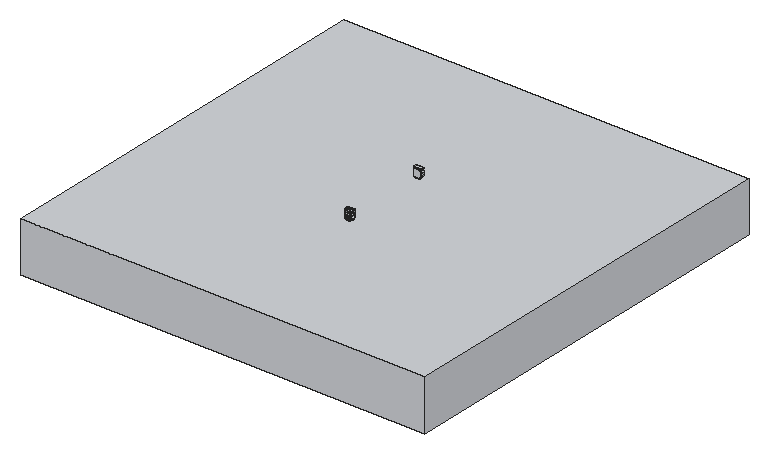
Revit family "Trade Easy Lock", category Обобщенные модели, Revit 2017
Family settings
  Основа = Грань
  Может служить основой для арматурных стержней = Нет
  Размер круглого соединителя = Использовать диаметр
  Тип детали = Нормальный
  При загрузке вырезать с полостями = Нет
  Общий = Нет
  Точка расчета площади = Нет
Parameters
  Расстояние до плоскости = 55.991 mm
  Default Elevation = 1219.2 mm
  Начало профиля = 249.976 mm
  Конец профиля = Начало профиля  # 249.976 mm
  Длина профиля = Начало профиля * 2  # 499.952 mm
Reference planes
  plane 1 "По центру (Вперед/Назад)": y = 0
  plane 2: z = 0
  plane 3 "По центру (Влево/Вправо)": x = 0
  plane 4 "Плоскость светильника": z = 55.991
Forms (mm)
  Extrusion 1, solid
    sketch origin (0, 0, 0) x (1, 0, 0) y (0, 1, 0)
      loop
        line (-1219.2, 1219.2) -> (-1219.2, -1219.2) -> (1219.2, -1219.2) -> (1219.2, 1219.2) -> (-1219.2, 1219.2)
    from 0 to -304.8
  Extrusion 2, solid, material "Алюминий"
    sketch origin (-19.367, -249.976, 55.991) x (1, 0, 0) y (0, 0, 1)
      loop
        arc (33.722, -51.859) -> (35.632, -52.295) -> (37.398, -51.445) r 2.966
        arc (37.398, -51.445) -> (38.236, -49.77) -> (37.904, -47.926) r 2.966
        arc (37.904, -47.926) -> (40.834, -43.611) -> (42.805, -38.782) r 25
        arc (42.805, -38.782) -> (38.95, -31.8) -> (42.805, -24.818) r 8.25
        arc (42.805, -24.818) -> (40.346, -19.12) -> (36.558, -14.203) r 25
        arc (36.558, -14.203) -> (38.174, -13.134) -> (38.8, -11.3) r 3
        arc (38.8, -11.3) -> (38.255, -9.575) -> (36.817, -8.478) r 3
        arc (36.817, -8.478) -> (36.433, -8.368) -> (36.038, -8.309) r 3
        arc (36.038, -8.309) -> (36.366, -7.795) -> (36.672, -7.268) r 15
        arc (36.672, -7.268) -> (40.4, -8.16) -> (42.571, -5) r 3.385
        line (42.571, -5) -> (42.571, 0) -> (40.76, 0) -> (37.759, 0) -> (-0.159, 0) -> (-3.16, 0) -> (-4.971, 0) -> (-4.971, -5)
        arc (-4.971, -5) -> (-2.8, -8.16) -> (0.928, -7.268) r 3.385
        arc (0.928, -7.268) -> (1.234, -7.795) -> (1.562, -8.309) r 15
        arc (1.562, -8.309) -> (1.167, -8.368) -> (0.783, -8.478) r 3
        arc (0.783, -8.478) -> (-0.655, -9.575) -> (-1.2, -11.3) r 3
        arc (-1.2, -11.3) -> (-0.574, -13.134) -> (1.042, -14.203) r 3
        arc (1.042, -14.203) -> (-2.746, -19.12) -> (-5.205, -24.818) r 25
        arc (-5.205, -24.818) -> (-1.35, -31.8) -> (-5.205, -38.782) r 8.25
        arc (-5.205, -38.782) -> (-3.234, -43.611) -> (-0.304, -47.926) r 25
        arc (-0.304, -47.926) -> (-0.636, -49.77) -> (0.202, -51.445) r 2.966
        arc (0.202, -51.445) -> (1.968, -52.295) -> (3.878, -51.859) r 2.966
        arc (3.878, -51.859) -> (9.009, -54.803) -> (14.688, -56.46) r 25
        line (14.688, -56.46) -> (14.688, -50.7) -> (18.8, -50.7) -> (22.912, -50.7) -> (22.912, -56.46)
        arc (22.912, -56.46) -> (28.591, -54.803) -> (33.722, -51.859) r 25
    from 0 to 1.5
  Extrusion 3, solid
    sketch origin (18.233, 249.976, 55.991) x (-1, 0, 0) y (0, 0, 1)
      loop
        arc (3.884, -51.859) -> (9.014, -54.803) -> (14.693, -56.46) r 25
        line (14.693, -56.46) -> (14.693, -50.7) -> (18.805, -50.7) -> (22.917, -50.7) -> (22.917, -56.46)
        arc (22.917, -56.46) -> (28.596, -54.803) -> (33.727, -51.859) r 25
        arc (33.727, -51.859) -> (35.637, -52.295) -> (37.403, -51.445) r 2.966
        arc (37.403, -51.445) -> (38.241, -49.77) -> (37.909, -47.926) r 2.966
        arc (37.909, -47.926) -> (40.839, -43.611) -> (42.81, -38.782) r 25
        arc (42.81, -38.782) -> (38.955, -31.8) -> (42.81, -24.818) r 8.25
        arc (42.81, -24.818) -> (40.351, -19.12) -> (36.563, -14.203) r 25
        arc (36.563, -14.203) -> (38.179, -13.134) -> (38.805, -11.3) r 3
        arc (38.805, -11.3) -> (38.26, -9.575) -> (36.822, -8.478) r 3
        arc (36.822, -8.478) -> (36.438, -8.368) -> (36.043, -8.309) r 3
        arc (36.043, -8.309) -> (36.371, -7.795) -> (36.677, -7.268) r 15
        arc (36.677, -7.268) -> (40.405, -8.16) -> (42.576, -5) r 3.385
        line (42.576, -5) -> (42.576, 0) -> (40.765, 0) -> (37.764, 0) -> (-0.154, 0) -> (-3.155, 0) -> (-4.966, 0) -> (-4.966, -5)
        arc (-4.966, -5) -> (-2.795, -8.16) -> (0.933, -7.268) r 3.385
        arc (0.933, -7.268) -> (1.239, -7.795) -> (1.567, -8.309) r 15
        arc (1.567, -8.309) -> (1.172, -8.368) -> (0.788, -8.478) r 3
        arc (0.788, -8.478) -> (-0.65, -9.575) -> (-1.195, -11.3) r 3
        arc (-1.195, -11.3) -> (-0.569, -13.134) -> (1.047, -14.203) r 3
        arc (1.047, -14.203) -> (-2.741, -19.12) -> (-5.2, -24.818) r 25
        arc (-5.2, -24.818) -> (-1.345, -31.8) -> (-5.2, -38.782) r 8.25
        arc (-5.2, -38.782) -> (-3.229, -43.611) -> (-0.299, -47.926) r 25
        arc (-0.299, -47.926) -> (-0.631, -49.77) -> (0.207, -51.445) r 2.966
        arc (0.207, -51.445) -> (1.973, -52.295) -> (3.884, -51.859) r 2.966
    from 0 to 1.5
  Extrusion 4, solid
    sketch origin (0, -398.223, 55.991) x (0, -1, 0) y (1, 0, 0)
      loop
        line (-154.747, 18.233) -> (-154.747, -19.367) -> (-148.247, -19.367) -> (-148.247, 18.233) -> (-154.747, 18.233)
      loop
        line (-648.199, -19.367) -> (-641.699, -19.367) -> (-641.699, 18.233) -> (-648.199, 18.233) -> (-648.199, -19.367)
    from 0 to -1
  Extrusion 5, solid
    sketch origin (-19.367, -251.476, 55.991) x (1, 0, 0) y (0, 0, 1)
      loop
        line (14.683, -50.7) -> (18.795, -50.7) -> (22.907, -50.7) -> (22.907, -56.46)
        arc (22.907, -56.46) -> (28.586, -54.803) -> (33.716, -51.859) r 25
        arc (33.716, -51.859) -> (33.841, -47.801) -> (37.899, -47.926) r 2.87
        arc (37.899, -47.926) -> (40.829, -43.611) -> (42.8, -38.782) r 25
        arc (42.8, -38.782) -> (38.945, -31.8) -> (42.8, -24.818) r 8.25
        arc (42.8, -24.818) -> (40.341, -19.12) -> (36.553, -14.203) r 25
        arc (36.553, -14.203) -> (35.866, -10.39) -> (39.18, -8.385) r 3.418
        arc (39.18, -8.385) -> (41.574, -7.394) -> (42.566, -5) r 3.385
        line (42.566, -5) -> (42.566, 0) -> (40.755, 0) -> (18.795, 0) -> (-3.165, 0) -> (-4.976, 0) -> (-4.976, -5)
        arc (-4.976, -5) -> (-3.984, -7.394) -> (-1.59, -8.385) r 3.385
        arc (-1.59, -8.385) -> (1.724, -10.39) -> (1.037, -14.203) r 3.418
        arc (1.037, -14.203) -> (-2.751, -19.12) -> (-5.21, -24.818) r 25
        arc (-5.21, -24.818) -> (-1.355, -31.8) -> (-5.21, -38.782) r 8.25
        arc (-5.21, -38.782) -> (-3.239, -43.611) -> (-0.309, -47.926) r 25
        arc (-0.309, -47.926) -> (3.749, -47.801) -> (3.873, -51.859) r 2.87
        arc (3.873, -51.859) -> (9.004, -54.803) -> (14.683, -56.46) r 25
        line (14.683, -56.46) -> (14.683, -50.7)
    from 0 to 18
  Extrusion 6, solid
    sketch origin (18.233, 251.476, 55.991) x (-1, 0, 0) y (0, 0, 1)
      loop
        line (22.808, -50.7) -> (22.808, -56.46)
        arc (22.808, -56.46) -> (28.487, -54.803) -> (33.618, -51.859) r 25
        arc (33.618, -51.859) -> (33.743, -47.801) -> (37.8, -47.926) r 2.87
        arc (37.8, -47.926) -> (40.731, -43.611) -> (42.702, -38.782) r 25
        arc (42.702, -38.782) -> (38.847, -31.8) -> (42.702, -24.818) r 8.25
        arc (42.702, -24.818) -> (40.242, -19.12) -> (36.454, -14.203) r 25
        arc (36.454, -14.203) -> (35.767, -10.39) -> (39.082, -8.385) r 3.418
        arc (39.082, -8.385) -> (41.476, -7.394) -> (42.467, -5) r 3.385
        line (42.467, -5) -> (42.467, 0) -> (40.657, 0) -> (18.696, 0) -> (-3.264, 0) -> (-5.074, 0) -> (-5.074, -5)
        arc (-5.074, -5) -> (-4.083, -7.394) -> (-1.689, -8.385) r 3.385
        arc (-1.689, -8.385) -> (1.626, -10.39) -> (0.939, -14.203) r 3.418
        arc (0.939, -14.203) -> (-2.849, -19.12) -> (-5.309, -24.818) r 25
        arc (-5.309, -24.818) -> (-1.454, -31.8) -> (-5.309, -38.782) r 8.25
        arc (-5.309, -38.782) -> (-3.338, -43.611) -> (-0.407, -47.926) r 25
        arc (-0.407, -47.926) -> (3.65, -47.801) -> (3.775, -51.859) r 2.87
        arc (3.775, -51.859) -> (8.906, -54.803) -> (14.585, -56.46) r 25
        line (14.585, -56.46) -> (14.585, -50.7) -> (18.696, -50.7) -> (22.808, -50.7)
    from 0 to 18
  Extrusion 7, void
    sketch origin (-19.367, -269.476, 55.991) x (-1, 0, 0) y (0, 0, 1)
      loop
        line (-24.215, -49.573) -> (-18.904, -49.573) -> (-13.592, -49.573) -> (-13.592, -55.073)
        arc (-13.592, -55.073) -> (-9.442, -53.712) -> (-5.612, -51.616) r 23.8
        arc (-5.612, -51.616) -> (-4.679, -47) -> (-0.015, -46.353) r 4.07
        arc (-0.015, -46.353) -> (2.136, -43) -> (3.697, -39.334) r 23.8
        arc (3.697, -39.334) -> (0.047, -31.873) -> (3.697, -24.413) r 9.45
        arc (3.697, -24.413) -> (1.388, -19.437) -> (-1.998, -15.121) r 23.8
        arc (-1.998, -15.121) -> (-2.935, -9.989) -> (1.511, -7.259) r 4.618
        arc (1.511, -7.259) -> (3.037, -6.609) -> (3.667, -5.073) r 2.185
        line (3.667, -5.073) -> (3.667, -1.273) -> (-18.904, -1.273) -> (-41.474, -1.273) -> (-41.474, -5.073)
        arc (-41.474, -5.073) -> (-40.844, -6.609) -> (-39.318, -7.259) r 2.185
        arc (-39.318, -7.259) -> (-34.872, -9.989) -> (-35.809, -15.121) r 4.618
        arc (-35.809, -15.121) -> (-39.196, -19.437) -> (-41.504, -24.413) r 23.8
        arc (-41.504, -24.413) -> (-37.854, -31.873) -> (-41.504, -39.334) r 9.45
        arc (-41.504, -39.334) -> (-39.943, -43) -> (-37.792, -46.353) r 23.8
        arc (-37.792, -46.353) -> (-33.128, -47) -> (-32.195, -51.616) r 4.07
        arc (-32.195, -51.616) -> (-28.365, -53.712) -> (-24.215, -55.073) r 23.8
        line (-24.215, -55.073) -> (-24.215, -49.573)
      loop
        line (-18.904, -19.373) -> (-28.304, -19.373)
        arc (-28.304, -19.373) -> (-31.839, -20.838) -> (-33.304, -24.373) r 5
        line (-33.304, -24.373) -> (-33.304, -31.213)
        arc (-33.304, -31.213) -> (-32.96, -32.942) -> (-31.98, -34.407) r 4.518
        line (-31.98, -34.407) -> (-27.334, -39.054)
        arc (-27.334, -39.054) -> (-25.872, -40.03) -> (-24.148, -40.373) r 4.506
        line (-24.148, -40.373) -> (-18.904, -40.373) -> (-13.659, -40.373)
        arc (-13.659, -40.373) -> (-11.935, -40.03) -> (-10.473, -39.054) r 4.506
        line (-10.473, -39.054) -> (-5.827, -34.407)
        arc (-5.827, -34.407) -> (-4.847, -32.942) -> (-4.504, -31.213) r 4.518
        line (-4.504, -31.213) -> (-4.504, -24.373)
        arc (-4.504, -24.373) -> (-5.968, -20.838) -> (-9.504, -19.373) r 5
        line (-9.504, -19.373) -> (-18.904, -19.373)
      loop
        line (-24.579, -30.813) -> (-24.579, -25.813) -> (-27.035, -25.813) -> (-27.035, -30.813) -> (-24.579, -30.813)
      loop
        line (-20.107, -34.85) -> (-17.651, -34.85) -> (-17.651, -29.85) -> (-20.107, -29.85) -> (-20.107, -34.85)
      loop
        line (-13.179, -30.813) -> (-10.723, -30.813) -> (-10.723, -25.813) -> (-13.179, -25.813) -> (-13.179, -30.813)
    from 0 to 15
  Extrusion 8, void
    sketch origin (18.233, 269.476, 55.991) x (1, 0, 0) y (0, 0, 1)
      loop
        line (-13.385, -49.321) -> (-13.385, -54.82)
        arc (-13.385, -54.82) -> (-9.235, -53.459) -> (-5.405, -51.363) r 23.8
        arc (-5.405, -51.363) -> (-4.472, -46.748) -> (0.192, -46.101) r 4.07
        arc (0.192, -46.101) -> (2.343, -42.747) -> (3.904, -39.081) r 23.8
        arc (3.904, -39.081) -> (0.254, -31.621) -> (3.904, -24.16) r 9.45
        arc (3.904, -24.16) -> (1.596, -19.184) -> (-1.791, -14.868) r 23.8
        arc (-1.791, -14.868) -> (-2.728, -9.736) -> (1.718, -7.006) r 4.618
        arc (1.718, -7.006) -> (3.244, -6.356) -> (3.874, -4.821) r 2.185
        line (3.874, -4.821) -> (3.874, -1.021) -> (-18.696, -1.021) -> (-41.267, -1.021) -> (-41.267, -4.821)
        arc (-41.267, -4.821) -> (-40.637, -6.356) -> (-39.111, -7.006) r 2.185
        arc (-39.111, -7.006) -> (-34.665, -9.736) -> (-35.602, -14.868) r 4.618
        arc (-35.602, -14.868) -> (-38.988, -19.184) -> (-41.297, -24.16) r 23.8
        arc (-41.297, -24.16) -> (-37.647, -31.621) -> (-41.297, -39.081) r 9.45
        arc (-41.297, -39.081) -> (-39.736, -42.747) -> (-37.585, -46.101) r 23.8
        arc (-37.585, -46.101) -> (-32.921, -46.748) -> (-31.988, -51.363) r 4.07
        arc (-31.988, -51.363) -> (-28.158, -53.459) -> (-24.008, -54.82) r 23.8
        line (-24.008, -54.82) -> (-24.008, -49.321) -> (-18.696, -49.321) -> (-13.385, -49.321)
      loop
        line (-18.696, -19.121) -> (-28.096, -19.121)
        arc (-28.096, -19.121) -> (-31.632, -20.585) -> (-33.096, -24.121) r 5
        line (-33.096, -24.121) -> (-33.096, -30.96)
        arc (-33.096, -30.96) -> (-32.753, -32.689) -> (-31.773, -34.155) r 4.518
        line (-31.773, -34.155) -> (-27.127, -38.801)
        arc (-27.127, -38.801) -> (-25.665, -39.778) -> (-23.941, -40.121) r 4.506
        line (-23.941, -40.121) -> (-18.696, -40.121) -> (-13.452, -40.121)
        arc (-13.452, -40.121) -> (-11.728, -39.778) -> (-10.266, -38.801) r 4.506
        line (-10.266, -38.801) -> (-5.62, -34.155)
        arc (-5.62, -34.155) -> (-4.64, -32.689) -> (-4.296, -30.96) r 4.518
        line (-4.296, -30.96) -> (-4.296, -24.121)
        arc (-4.296, -24.121) -> (-5.761, -20.585) -> (-9.296, -19.121) r 5
        line (-9.296, -19.121) -> (-18.696, -19.121)
      loop
        line (-13.021, -30.56) -> (-10.565, -30.56) -> (-10.565, -25.56) -> (-13.021, -25.56) -> (-13.021, -30.56)
      loop
        line (-17.493, -34.597) -> (-17.493, -29.597) -> (-19.949, -29.597) -> (-19.949, -34.597) -> (-17.493, -34.597)
      loop
        line (-24.421, -30.56) -> (-24.421, -25.56) -> (-26.877, -25.56) -> (-26.877, -30.56) -> (-24.421, -30.56)
      loop
        arc (-25.713, -37.387) -> (-24.9, -37.93) -> (-23.941, -38.121) r 2.506
        line (-23.941, -38.121) -> (-18.696, -38.121) -> (-13.452, -38.121)
        arc (-13.452, -38.121) -> (-12.493, -37.93) -> (-11.68, -37.387) r 2.506
        line (-11.68, -37.387) -> (-7.034, -32.74)
        arc (-7.034, -32.74) -> (-6.488, -31.923) -> (-6.296, -30.96) r 2.518
        line (-6.296, -30.96) -> (-6.296, -24.121)
        arc (-6.296, -24.121) -> (-7.175, -21.999) -> (-9.296, -21.121) r 3
        line (-9.296, -21.121) -> (-18.696, -21.121) -> (-28.096, -21.121)
        arc (-28.096, -21.121) -> (-30.218, -21.999) -> (-31.096, -24.121) r 3
        line (-31.096, -24.121) -> (-31.096, -30.96)
        arc (-31.096, -30.96) -> (-30.905, -31.923) -> (-30.359, -32.74) r 2.518
        line (-30.359, -32.74) -> (-25.713, -37.387)
    from 0 to 15
Cuts and joins
  Extrusion 7 cuts Extrusion 5
  Extrusion 8 cuts Extrusion 6
Dimensions and locks
  "Расстояние до плоскости": plane 4 "Плоскость светильника" to Extrusion 1
  "Конец профиля": plane 1 "По центру (Вперед/Назад)" to Extrusion 4
  "Начало профиля": Extrusion 4 to plane 1 "По центру (Вперед/Назад)"
  aligned and locked: plane 2 to Extrusion 1
  aligned and locked: level to Extrusion 1
Automatic sketch dimensions
  Extrusion 1 sketch curve to Extrusion 1 sketch curve = 2438.4 mm  (x2)
  Extrusion 4 sketch curve to plane 3 "По центру (Влево/Вправо)" = 19.367 mm  (x2)
  plane 1 "По центру (Вперед/Назад)" to Extrusion 4 sketch curve = 243.476 mm
  Extrusion 4 sketch curve to Extrusion 4 sketch curve = 6.5 mm  (x2)
  plane 3 "По центру (Влево/Вправо)" to Extrusion 4 sketch curve = 18.233 mm  (x2)
  Extrusion 4 sketch curve to plane 1 "По центру (Вперед/Назад)" = 243.476 mm
  Extrusion 2 sketch curve to Extrusion 2 sketch curve = 0 mm  (x46)
  Extrusion 2 sketch curve to Extrusion 4 = 0 mm  (x3)
  Extrusion 2 sketch curve to Extrusion 4 = 9.6 mm
  Extrusion 2 sketch curve to Extrusion 4 = 4.971 mm
  Extrusion 2 sketch curve to Extrusion 2 sketch curve = 1.81 mm
  Extrusion 2 sketch curve to Extrusion 4 = 1.585 mm
  Extrusion 2 sketch curve to Extrusion 4 = 0.159 mm
  Extrusion 4 to Extrusion 2 sketch curve = 1.8 mm
  Extrusion 4 to Extrusion 2 sketch curve = 2.3 mm
  Extrusion 4 to Extrusion 2 sketch curve = 14.05 mm
  Extrusion 2 sketch curve to Extrusion 2 sketch curve = 12.388 mm
  Extrusion 4 to Extrusion 2 sketch curve = 18.8 mm
  Extrusion 2 sketch curve to Extrusion 2 sketch curve = 4.112 mm  (x2)
  Extrusion 2 sketch curve to Extrusion 2 sketch curve = 9.5 mm
  Extrusion 2 sketch curve to Extrusion 4 = 2.3 mm
  Extrusion 2 sketch curve to Extrusion 4 = 1.8 mm
  Extrusion 4 to Extrusion 2 sketch curve = 0.159 mm
  Extrusion 4 to Extrusion 2 sketch curve = 1.585 mm
  Extrusion 2 sketch curve to Extrusion 2 sketch curve = 3.001 mm
  Extrusion 2 sketch curve to Extrusion 2 sketch curve = 3.385 mm
  Extrusion 4 to Extrusion 2 sketch curve = 9.6 mm
  Extrusion 2 sketch curve to Extrusion 4 = 4 mm  (x2)
  Extrusion 2 sketch curve to Extrusion 2 sketch curve = 6.3 mm  (x2)
  Extrusion 2 sketch curve to Extrusion 2 sketch curve = 20.5 mm  (x3)
  Extrusion 2 sketch curve to Extrusion 2 sketch curve = 17.547 mm  (x2)
  Extrusion 2 sketch curve to Extrusion 2 sketch curve = 1.353 mm
  Extrusion 2 sketch curve to Extrusion 2 sketch curve = 5.76 mm  (x2)
  Extrusion 2 sketch curve to Extrusion 4 = 5.205 mm  (x2)
  Extrusion 2 sketch curve to Extrusion 4 = 1.2 mm
  Extrusion 2 sketch curve to Extrusion 4 = 0.304 mm
  Extrusion 4 to Extrusion 2 sketch curve = 0.202 mm
  Extrusion 4 to Extrusion 2 sketch curve = 0.783 mm
  Extrusion 4 to Extrusion 2 sketch curve = 0.928 mm
  Extrusion 4 to Extrusion 2 sketch curve = 1.042 mm
  Extrusion 2 sketch curve to Extrusion 2 sketch curve = 1.578 mm
  Extrusion 2 sketch curve to Extrusion 4 = 1.562 mm
  Extrusion 2 sketch curve to Extrusion 4 = 1.042 mm
  Extrusion 2 sketch curve to Extrusion 4 = 0.928 mm
  Extrusion 2 sketch curve to Extrusion 4 = 0.783 mm
  Extrusion 2 sketch curve to Extrusion 4 = 0.202 mm
  Extrusion 4 to Extrusion 2 sketch curve = 0.304 mm
  Extrusion 4 to Extrusion 2 sketch curve = 5.205 mm
  Extrusion 3 sketch curve to Extrusion 3 sketch curve = 0 mm  (x46)
  Extrusion 3 sketch curve to Extrusion 4 = 0 mm  (x3)
  Extrusion 3 sketch curve to Extrusion 4 = 9.595 mm
  Extrusion 3 sketch curve to Extrusion 4 = 4.966 mm
  Extrusion 3 sketch curve to Extrusion 3 sketch curve = 1.81 mm  (x2)
  Extrusion 3 sketch curve to Extrusion 4 = 1.58 mm
  Extrusion 3 sketch curve to Extrusion 4 = 0.154 mm
  Extrusion 4 to Extrusion 3 sketch curve = 1.805 mm
  Extrusion 4 to Extrusion 3 sketch curve = 2.305 mm
  Extrusion 4 to Extrusion 3 sketch curve = 14.055 mm
  Extrusion 3 sketch curve to Extrusion 3 sketch curve = 12.388 mm
  Extrusion 3 sketch curve to Extrusion 4 = 18.795 mm
  Extrusion 3 sketch curve to Extrusion 3 sketch curve = 4.112 mm  (x2)
  Extrusion 3 sketch curve to Extrusion 3 sketch curve = 9.5 mm
  Extrusion 3 sketch curve to Extrusion 4 = 2.295 mm
  Extrusion 3 sketch curve to Extrusion 4 = 1.795 mm
  Extrusion 4 to Extrusion 3 sketch curve = 0.164 mm
  Extrusion 4 to Extrusion 3 sketch curve = 1.59 mm
  Extrusion 3 sketch curve to Extrusion 3 sketch curve = 3.001 mm
  Extrusion 4 to Extrusion 3 sketch curve = 9.605 mm
  Extrusion 3 sketch curve to Extrusion 4 = 4 mm  (x2)
  Extrusion 3 sketch curve to Extrusion 3 sketch curve = 6.3 mm  (x2)
  Extrusion 3 sketch curve to Extrusion 3 sketch curve = 20.5 mm  (x3)
  Extrusion 3 sketch curve to Extrusion 3 sketch curve = 17.547 mm  (x2)
  Extrusion 3 sketch curve to Extrusion 3 sketch curve = 1.353 mm
  Extrusion 3 sketch curve to Extrusion 3 sketch curve = 5.76 mm  (x2)
  Extrusion 3 sketch curve to Extrusion 4 = 5.2 mm  (x2)
  Extrusion 3 sketch curve to Extrusion 4 = 1.195 mm
  Extrusion 3 sketch curve to Extrusion 4 = 0.299 mm
  Extrusion 4 to Extrusion 3 sketch curve = 0.207 mm
  Extrusion 4 to Extrusion 3 sketch curve = 0.788 mm
  Extrusion 4 to Extrusion 3 sketch curve = 0.933 mm
  Extrusion 4 to Extrusion 3 sketch curve = 1.047 mm
  Extrusion 3 sketch curve to Extrusion 3 sketch curve = 1.578 mm
  Extrusion 3 sketch curve to Extrusion 4 = 1.557 mm
  Extrusion 3 sketch curve to Extrusion 4 = 1.037 mm
  Extrusion 3 sketch curve to Extrusion 4 = 0.923 mm
  Extrusion 3 sketch curve to Extrusion 4 = 0.778 mm
  Extrusion 3 sketch curve to Extrusion 4 = 0.197 mm
  Extrusion 4 to Extrusion 3 sketch curve = 0.309 mm
  Extrusion 4 to Extrusion 3 sketch curve = 5.21 mm
  Extrusion 5 sketch curve to Extrusion 5 sketch curve = 0 mm  (x31)
  Extrusion 2 to Extrusion 5 sketch curve = 4.634 mm
  Extrusion 5 sketch curve to Extrusion 2 = 0 mm
  Extrusion 2 to Extrusion 5 sketch curve = 0.005 mm  (x2)
  Extrusion 5 sketch curve to Extrusion 5 sketch curve = 1.81 mm  (x2)
  Extrusion 5 sketch curve to Extrusion 5 sketch curve = 3.385 mm
  Extrusion 5 sketch curve to Extrusion 5 sketch curve = 0.2 mm
  Extrusion 5 sketch curve to Extrusion 2 = 0.808 mm  (x2)
  Extrusion 5 sketch curve to Extrusion 2 = 6.753 mm
  Extrusion 5 sketch curve to Extrusion 2 = 0.005 mm
  Extrusion 2 to Extrusion 5 sketch curve = 4.117 mm  (x3)
  Extrusion 2 to Extrusion 5 sketch curve = 0 mm
  Extrusion 5 sketch curve to Extrusion 2 = 6.763 mm
  Extrusion 5 sketch curve to Extrusion 2 = 3.591 mm
  Extrusion 5 sketch curve to Extrusion 2 = 3.39 mm
  Extrusion 5 sketch curve to Extrusion 2 = 1.815 mm
  Extrusion 2 to Extrusion 5 sketch curve = 4.624 mm
  Extrusion 5 sketch curve to Extrusion 5 sketch curve = 5.76 mm  (x2)
  Extrusion 5 sketch curve to Extrusion 2 = 18.9 mm  (x3)
  Extrusion 5 sketch curve to Extrusion 5 sketch curve = 11.797 mm  (x2)
  Extrusion 5 sketch curve to Extrusion 5 sketch curve = 5 mm  (x2)
  Extrusion 2 to Extrusion 5 sketch curve = 0.24 mm  (x2)
  Extrusion 5 sketch curve to Extrusion 2 = 2.774 mm
  Extrusion 5 sketch curve to Extrusion 5 sketch curve = 2.091 mm
  Extrusion 2 to Extrusion 5 sketch curve = 1.159 mm
  Extrusion 5 sketch curve to Extrusion 2 = 4.672 mm
  Extrusion 2 to Extrusion 5 sketch curve = 0.23 mm
  Extrusion 6 sketch curve to Extrusion 6 sketch curve = 0 mm  (x31)
  Extrusion 6 sketch curve to Extrusion 3 = 18.9 mm  (x3)
  Extrusion 3 to Extrusion 6 sketch curve = 4.738 mm
  Extrusion 6 sketch curve to Extrusion 6 sketch curve = 4.629 mm
  Extrusion 6 sketch curve to Extrusion 6 sketch curve = 1.81 mm  (x2)
  Extrusion 6 sketch curve to Extrusion 6 sketch curve = 3.385 mm
  Extrusion 6 sketch curve to Extrusion 6 sketch curve = 0.2 mm
  Extrusion 6 sketch curve to Extrusion 6 sketch curve = 11.387 mm
  Extrusion 6 sketch curve to Extrusion 6 sketch curve = 12.901 mm
  Extrusion 6 sketch curve to Extrusion 3 = 23.662 mm  (x2)
  Extrusion 6 sketch curve to Extrusion 6 sketch curve = 4.112 mm  (x2)
  Extrusion 6 sketch curve to Extrusion 3 = 40.675 mm
  Extrusion 6 sketch curve to Extrusion 3 = 43.847 mm
  Extrusion 6 sketch curve to Extrusion 3 = 44.048 mm
  Extrusion 6 sketch curve to Extrusion 6 sketch curve = 1.575 mm
  Extrusion 3 to Extrusion 6 sketch curve = 32.403 mm
  Extrusion 6 sketch curve to Extrusion 3 = 0.808 mm
  Extrusion 6 sketch curve to Extrusion 6 sketch curve = 18.092 mm
  Extrusion 6 sketch curve to Extrusion 6 sketch curve = 0.808 mm
  Extrusion 6 sketch curve to Extrusion 6 sketch curve = 5.76 mm  (x2)
  Extrusion 6 sketch curve to Extrusion 3 = 38.903 mm  (x2)
  Extrusion 6 sketch curve to Extrusion 6 sketch curve = 6.797 mm  (x2)
  Extrusion 6 sketch curve to Extrusion 6 sketch curve = 5 mm
  Extrusion 6 sketch curve to Extrusion 6 sketch curve = 4.395 mm  (x2)
  Extrusion 6 sketch curve to Extrusion 3 = 25.882 mm  (x2)
  Extrusion 6 sketch curve to Extrusion 6 sketch curve = 2.091 mm
  Extrusion 6 sketch curve to Extrusion 3 = 38.584 mm
  Extrusion 6 sketch curve to Extrusion 3 = 42.766 mm
  Extrusion 7 sketch curve to Extrusion 7 sketch curve = 0 mm  (x12)
  Extrusion 7 sketch curve to Extrusion 5 = 4.738 mm
  Extrusion 5 to Extrusion 7 sketch curve = 1.091 mm  (x2)
  Extrusion 7 sketch curve to Extrusion 7 sketch curve = 2.185 mm
  Extrusion 5 to Extrusion 7 sketch curve = 3.477 mm
  Extrusion 5 to Extrusion 7 sketch curve = 6.65 mm
  Extrusion 5 to Extrusion 7 sketch curve = 9.262 mm
  Extrusion 5 to Extrusion 7 sketch curve = 16.293 mm  (x2)
  Extrusion 7 sketch curve to Extrusion 7 sketch curve = 1.323 mm
  Extrusion 7 sketch curve to Extrusion 7 sketch curve = 4.518 mm
  Extrusion 7 sketch curve to Extrusion 7 sketch curve = 5 mm  (x4)
  Extrusion 5 to Extrusion 7 sketch curve = 11.646 mm  (x2)
  Extrusion 5 to Extrusion 7 sketch curve = 4.427 mm
  Extrusion 7 sketch curve to Extrusion 7 sketch curve = 1.75 mm
  Extrusion 5 to Extrusion 7 sketch curve = 1.672 mm
  Extrusion 5 to Extrusion 7 sketch curve = 1.309 mm  (x2)
  Extrusion 5 to Extrusion 7 sketch curve = 1.241 mm
  Extrusion 7 sketch curve to Extrusion 5 = 2.8 mm
  Extrusion 7 sketch curve to Extrusion 5 = 4.003 mm  (x4)
  Extrusion 7 sketch curve to Extrusion 7 sketch curve = 1.203 mm
  Extrusion 7 sketch curve to Extrusion 7 sketch curve = 2.456 mm  (x2)
  Extrusion 5 to Extrusion 7 sketch curve = 1.024 mm
  Extrusion 5 to Extrusion 7 sketch curve = 1.504 mm
  Extrusion 7 sketch curve to Extrusion 7 sketch curve = 3.186 mm
  Extrusion 7 sketch curve to Extrusion 7 sketch curve = 1.219 mm
  Extrusion 7 sketch curve to Extrusion 7 sketch curve = 1.701 mm
  Extrusion 7 sketch curve to Extrusion 7 sketch curve = 3.195 mm
  Extrusion 5 to Extrusion 7 sketch curve = 6.867 mm
  Extrusion 5 to Extrusion 7 sketch curve = 3.694 mm
  Extrusion 5 to Extrusion 7 sketch curve = 3.494 mm
  Extrusion 7 sketch curve to Extrusion 5 = 4.521 mm
  Extrusion 5 to Extrusion 7 sketch curve = 10.327 mm
  Extrusion 7 sketch curve to Extrusion 7 sketch curve = 9.2 mm
  Extrusion 7 sketch curve to Extrusion 7 sketch curve = 0.392 mm  (x2)
  Extrusion 7 sketch curve to Extrusion 7 sketch curve = 5.5 mm  (x2)
  Extrusion 5 to Extrusion 7 sketch curve = 15.85 mm
  Extrusion 5 to Extrusion 7 sketch curve = 18.827 mm  (x2)
  Extrusion 7 sketch curve to Extrusion 7 sketch curve = 2.977 mm
  Extrusion 7 sketch curve to Extrusion 7 sketch curve = 0.399 mm  (x2)
  Extrusion 7 sketch curve to Extrusion 7 sketch curve = 2.023 mm
  Extrusion 7 sketch curve to Extrusion 7 sketch curve = 1.44 mm
  Extrusion 7 sketch curve to Extrusion 7 sketch curve = 7.503 mm  (x2)
  Extrusion 7 sketch curve to Extrusion 7 sketch curve = 6.797 mm  (x2)
  Extrusion 7 sketch curve to Extrusion 7 sketch curve = 3.8 mm
  Extrusion 5 to Extrusion 7 sketch curve = 1.062 mm  (x2)
  Extrusion 7 sketch curve to Extrusion 7 sketch curve = 0.029 mm
  Extrusion 7 sketch curve to Extrusion 7 sketch curve = 1.876 mm  (x2)
  Extrusion 7 sketch curve to Extrusion 7 sketch curve = 3.721 mm
  Extrusion 7 sketch curve to Extrusion 7 sketch curve = 3.28 mm
  Extrusion 5 to Extrusion 7 sketch curve = 1.279 mm
  Extrusion 8 sketch curve to Extrusion 8 sketch curve = 0 mm  (x47)
  Extrusion 8 sketch curve to Extrusion 6 = 4.629 mm
  Extrusion 8 sketch curve to Extrusion 8 sketch curve = 5.829 mm
  Extrusion 8 sketch curve to Extrusion 8 sketch curve = 2.185 mm  (x2)
  Extrusion 8 sketch curve to Extrusion 8 sketch curve = 0.2 mm  (x2)
  Extrusion 8 sketch curve to Extrusion 8 sketch curve = 11.387 mm
  Extrusion 8 sketch curve to Extrusion 8 sketch curve = 5.785 mm
  Extrusion 8 sketch curve to Extrusion 8 sketch curve = 1.323 mm
  Extrusion 8 sketch curve to Extrusion 8 sketch curve = 2 mm
  Extrusion 8 sketch curve to Extrusion 8 sketch curve = 0.738 mm
  Extrusion 8 sketch curve to Extrusion 8 sketch curve = 1.781 mm
  Extrusion 8 sketch curve to Extrusion 8 sketch curve = 3 mm
  Extrusion 8 sketch curve to Extrusion 8 sketch curve = 4.646 mm
  Extrusion 8 sketch curve to Extrusion 8 sketch curve = 1.219 mm
  Extrusion 8 sketch curve to Extrusion 8 sketch curve = 1.414 mm  (x3)
  Extrusion 8 sketch curve to Extrusion 8 sketch curve = 2.456 mm  (x2)
  Extrusion 8 sketch curve to Extrusion 8 sketch curve = 11.701 mm
  Extrusion 8 sketch curve to Extrusion 8 sketch curve = 1.772 mm  (x3)
  Extrusion 8 sketch curve to Extrusion 8 sketch curve = 3.992 mm
  Extrusion 8 sketch curve to Extrusion 8 sketch curve = 1.253 mm
  Extrusion 8 sketch curve to Extrusion 8 sketch curve = 5.244 mm  (x2)
  Extrusion 8 sketch curve to Extrusion 8 sketch curve = 5.725 mm
  Extrusion 8 sketch curve to Extrusion 8 sketch curve = 5.312 mm  (x2)
  Extrusion 8 sketch curve to Extrusion 8 sketch curve = 1.203 mm
  Extrusion 6 to Extrusion 8 sketch curve = 29.446 mm
  Extrusion 8 sketch curve to Extrusion 8 sketch curve = 1.269 mm
  Extrusion 6 to Extrusion 8 sketch curve = 33.653 mm
  Extrusion 6 to Extrusion 8 sketch curve = 35.433 mm
  Extrusion 6 to Extrusion 8 sketch curve = 36.171 mm
  Extrusion 6 to Extrusion 8 sketch curve = 36.847 mm
  Extrusion 6 to Extrusion 8 sketch curve = 40.783 mm
  Extrusion 6 to Extrusion 8 sketch curve = 43.956 mm
  Extrusion 8 sketch curve to Extrusion 6 = 32.512 mm
  Extrusion 8 sketch curve to Extrusion 8 sketch curve = 3.8 mm  (x2)
  Extrusion 8 sketch curve to Extrusion 8 sketch curve = 6.797 mm  (x2)
  Extrusion 8 sketch curve to Extrusion 8 sketch curve = 7.503 mm
  Extrusion 8 sketch curve to Extrusion 8 sketch curve = 1.44 mm  (x2)
  Extrusion 8 sketch curve to Extrusion 8 sketch curve = 4.037 mm
  Extrusion 8 sketch curve to Extrusion 8 sketch curve = 0.963 mm  (x2)
  Extrusion 8 sketch curve to Extrusion 8 sketch curve = 0.399 mm  (x2)
  Extrusion 8 sketch curve to Extrusion 8 sketch curve = 2.023 mm
  Extrusion 8 sketch curve to Extrusion 8 sketch curve = 0.661 mm  (x2)
  Extrusion 8 sketch curve to Extrusion 8 sketch curve = 2.977 mm
  Extrusion 8 sketch curve to Extrusion 8 sketch curve = 1.017 mm  (x2)
  Extrusion 8 sketch curve to Extrusion 8 sketch curve = 9.2 mm
  Extrusion 8 sketch curve to Extrusion 8 sketch curve = 0.392 mm  (x2)
  Extrusion 8 sketch curve to Extrusion 8 sketch curve = 5.5 mm  (x2)
  Extrusion 8 sketch curve to Extrusion 8 sketch curve = 8.2 mm
  Extrusion 8 sketch curve to Extrusion 8 sketch curve = 5.8 mm
  Extrusion 8 sketch curve to Extrusion 8 sketch curve = 0.029 mm
  Extrusion 8 sketch curve to Extrusion 8 sketch curve = 1.876 mm  (x2)
  Extrusion 6 to Extrusion 8 sketch curve = 37.063 mm
  Extrusion 8 sketch curve to Extrusion 8 sketch curve = 3.28 mm
  Extrusion 8 sketch curve to Extrusion 8 sketch curve = 3.712 mm
  Extrusion 6 to Extrusion 8 sketch curve = 1.021 mm
  Extrusion 8 sketch curve to Extrusion 6 = 4.112 mm
